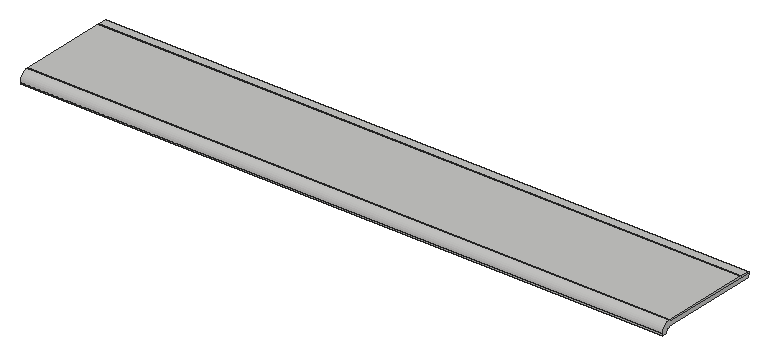
Revit family "Stair_Tread-Wooster-Cast_Nosings_Thresholds-101", category Specialty Equipment, host Face, Revit 2017
Family settings
  Host = Face
  Round Connector Dimension = Use Diameter
  Part Type = Normal
  OmniClass Number = 23.30.70.21.11.11.11
  OmniClass Title = Stair Nosings
  Cut with Voids When Loaded = No
  Shared = No
  Room Calculation Point = No
Parameters (values of type "101-6")
  Wing Type Anchor [instance] = no
  Width = 0' - 6"
  Version = "2017 - v2.0a"  # constant formula
  URL = "http://www.wooster-products.com/"
  Support Phone = "(224) 699-9545"  # constant formula
  Support Email = "mailto:support@anguleris.com"
  Safety Tread [instance] = Filler - Wooster - Grey - Cast Tread
  Product Page URL = "http://www.woosterproducts.com/products/alumogrit-ferrogrit/cast-nosings/"
  Product Name = "Abrasive Cast Nosings"  # constant formula
  Product Documentation Link = "http://www.woosterproducts.com/spec/101.pdf"
  Model = "101-6"
  Material = ""
  Manufacturer Phone Number = "1-800-321-4936 or 330-264-2844"  # constant formula
  Manufacturer Fax Number = "330-262-4151"  # constant formula
  Manufacturer Email = "mailto:tim@wooster-products.com"
  Manufacturer Address = "1000 Spruce Street, P.O. BOX 6005, Wooster, OH. 44691"  # constant formula
  Manufacturer = "Wooster Productions Inc"  # constant formula
  Length Constraint [instance] = if(Length > 8' 6", 8' 6", Length)  # 3' - 0"
  Length [instance] = 3' - 0"
  Feature Strip [instance] = if(Width < 0' 5", 0' 0 1/2", if(Width = 0' 5", 0' 1", 0' 0 1/2"))  # 0' - 0 1/2"
  Description = "Anti-Slip Stair Nosing"  # constant formula
  Depth = 0' - 0 5/16"  # constant formula
  Default Elevation = 0' - 0"  # constant formula
  Copyright = "Wooster Products Inc. 2019"  # constant formula
  Construction Type = "New Construction"  # constant formula
  Concealed Integral Anchor [instance] = no
  Achor Array [instance] = rounddown(Length / 1' 0")  # 3
Types (4): name | Width | Model
  (no name) | 0' - 3" | "101-3"
  101-3 | 0' - 3" | "101-3"
  101-4 | 0' - 4" | "101-4"
  101-6 | 0' - 6" | "101-6"
Values of the unnamed type that differ from the named types
  Support Email = ""
  Product Page URL = "http://www.wooster-products.com/Cast_Nosings_Thresholds.html"
  Product Documentation Link = "http://wooster-products.com/pub/Specs/101.pdf"
  Manufacturer Email = ""
Reference planes (in)
  plane 1 "Center (Front/Back)": y = 0
  plane 2: z = 0
  plane 3 "Center (Left/Right)": x = 0
  plane 4 "Left": x = -18
  plane 5 "Right": x = 18
  plane 6 "Back": y = 3
  plane 7 "Front": y = -3
  plane 8 "Bottom": z = -0.29687
  plane 9: y = 2.5
  plane 10: x = -15
  plane 11: x = 15
  plane 12: z = -0.04687
  plane 13: z = 0.01563
Forms (in)
  Extrusion 1, void
    sketch origin (0, 0, 0) x (0, 1, 0) y (0, 0, 1)
      loop
        line (3, 0) -> (-3, 0) -> (-3, -0.5625) -> (-2.76562, -0.5625)
        arc (-2.76562, -0.5625) -> (-2.68783, -0.37468) -> (-2.50001, -0.29687) r 0.26562
        line (-2.50001, -0.29687) -> (3, -0.29687) -> (3, 0)
    from -18 to 18
  Extrusion 2, solid, material "Filler - Wooster - Grey - Cast Tread" <- "Safety Tread"
    sketch origin (0, 0, 0) x (0, 1, 0) y (0, 0, 1)
      loop
        line (2.5, 0.01563) -> (-2.49992, 0.01563) -> (-2.49992, -0.04687) -> (2.5, -0.04687) -> (2.5, 0.01563)
    from -18 to 18
  Extrusion 3, solid, material "Filler - Wooster - Concrete"
    sketch origin (0, 0, 0) x (0, 1, 0) y (0, 0, 1)
      loop
        line (-2.50058, -0.29687) -> (3, -0.29687) -> (3, -0.04687) -> (-2.50001, -0.04687) -> (-2.50001, 0.01563)
        arc (-2.50001, 0.01563) -> (-2.85356, -0.13082) -> (-3, -0.48437) r 0.5
        line (-3, -0.48437) -> (-3, -0.5625) -> (-2.76562, -0.5625)
        arc (-2.76562, -0.5625) -> (-2.68803, -0.37488) -> (-2.50058, -0.29687) r 0.26562
    from -18 to 18
  Extrusion 4, solid, material "Filler - Wooster - Concrete"
    sketch origin (0, 0, 0) x (0, 1, 0) y (0, 0, 1)
      loop
        line (3, 0.01563) -> (2.5, 0.01563) -> (2.5, -0.04687) -> (3, -0.04687) -> (3, 0.01563)
    from -18 to 18
Lines and regions (in)
  Masking region 1
    outline origin (0, 0, 0) x (1, 0, 0) y (0, 1, 0)
      loop
        line (-18, 3) -> (-18, -3) -> (18, -3) -> (18, 3) -> (-18, 3)
Dimensions and locks (in)
  equal spacing: plane 4 "Left", plane 3 "Center (Left/Right)", plane 5 "Right"
  "Length Constraint": plane 4 "Left" to plane 5 "Right"
  equal spacing: plane 7 "Front", plane 1 "Center (Front/Back)", plane 6 "Back"
  "Width": plane 7 "Front" to plane 6 "Back"
  "Feature Strip": plane 6 "Back" to plane 9
  locked: Extrusion 2 sketch curve to plane 7 "Front" at 0.50008
  locked: plane 10 to plane 4 "Left" at 3
  locked: plane 11 to plane 5 "Right" at 3
  equal spacing: group 1, group 3, group 2  (x2)
  equal spacing: group 2, group 3, group 1
  equal spacing: group 4, group 6, group 5  (x2)
  equal spacing: group 5, group 6, group 4
  locked: Extrusion 1 sketch curve to plane 7 "Front" at 0.49999
  locked: plane 2 to Extrusion 1 sketch curve at 0.56249
  locked: plane 13 to plane 12 at 0.0625
  "Depth": plane 13 to plane 8 "Bottom"
  Extrusion 3 sketch curve to Extrusion 3 sketch curve to Extrusion 3 sketch curve to plane 7 "Front" = 0' - 0", 0' - 0" locked, 0' - 0 1/2" locked
  plane 13 to Extrusion 3 sketch curve to Extrusion 3 sketch curve to Extrusion 3 sketch curve = 0' - 0 1/2" locked, 0' - 0 5/64" locked, 0' - 0" locked
  aligned and locked: plane 2 to host face
  aligned and locked: level to host face
  aligned and locked: Extrusion 1 sketch curve to plane 2
  aligned and locked: Extrusion 1 sketch curve to plane 8 "Bottom"
  aligned and locked: Extrusion 1 sketch curve to plane 7 "Front"
  aligned and locked: Extrusion 1 to plane 4 "Left"
  aligned and locked: Extrusion 1 to plane 5 "Right"
  aligned and locked: plane 6 "Back" to Extrusion 1 sketch curve
  aligned and locked: plane 9 to Extrusion 2 sketch curve
  aligned and locked: Extrusion 2 to plane 4 "Left"
  aligned and locked: Extrusion 2 to plane 5 "Right"
  aligned and locked: Extrusion 3 to plane 4 "Left"
  aligned and locked: Extrusion 3 to plane 5 "Right"
  aligned and locked: Extrusion 3 sketch curve to plane 8 "Bottom"
  aligned and locked: plane 6 "Back" to Extrusion 3 sketch curve
  aligned and locked: plane 9 to Extrusion 4 sketch curve
  aligned and locked: Extrusion 4 sketch curve to plane 6 "Back"
  aligned and locked: Extrusion 4 to plane 4 "Left"
  aligned and locked: Extrusion 4 to plane 5 "Right"
  aligned and locked: plane 4 "Left" to Masking region 1 sketch curve
  aligned and locked: Masking region 1 sketch curve to plane 6 "Back"
  aligned and locked: plane 5 "Right" to Masking region 1 sketch curve
  aligned and locked: Masking region 1 sketch curve to plane 7 "Front"
  aligned and locked: plane 10 to nested 1
  aligned and locked: plane 8 "Bottom" to nested 1
  aligned and locked: nested 2 to plane 11
  aligned and locked: plane 1 "Center (Front/Back)" to nested 1
  aligned and locked: plane 1 "Center (Front/Back)" to nested 4
  aligned and locked: plane 8 "Bottom" to nested 4
  aligned and locked: plane 10 to nested 4
  aligned and locked: nested 5 to plane 11
  aligned and locked: Extrusion 2 sketch curve to plane 12
  aligned and locked: plane 12 to Extrusion 4 sketch curve
  aligned and locked: plane 12 to Extrusion 3 sketch curve
  aligned and locked: Extrusion 4 sketch curve to plane 13
  aligned and locked: Extrusion 2 sketch curve to plane 13
Automatic sketch dimensions
  host sketch curve to host sketch curve = 8' - 0"
  host sketch curve to host sketch curve = 4' - 0"
  Extrusion 3 sketch curve to Extrusion 3 sketch curve = 0' - 0.00058"
  plane 7 "Front" to Extrusion 3 sketch curve = 0' - 0"
  Extrusion 1 sketch curve to Extrusion 1 sketch curve = 0' - 0"
Nested families (in)
  nested 1: "Concealed Integral Anchor" at (-15, 0, -1.42187), visible <- "Concealed Integral Anchor", type "Concealed Integral Anchor"
  nested 2: "Concealed Integral Anchor" at (15, 0, -1.4375), visible <- "Concealed Integral Anchor", type "Concealed Integral Anchor"
  nested 3: "Concealed Integral Anchor" at (0, 0, -1.42969), visible <- "Concealed Integral Anchor", type "Concealed Integral Anchor"
  nested 4: "Wing Type Anchor" at (-15, 0, -1.42187), visible <- "Wing Type Anchor", type "Wing Type Anchor"
  nested 5: "Wing Type Anchor" at (15, 0, -1.4375), visible <- "Wing Type Anchor", type "Wing Type Anchor"
  nested 6: "Wing Type Anchor" at (0, 0, -1.42969), visible <- "Wing Type Anchor", type "Wing Type Anchor"
Definition of nested family "Concealed Integral Anchor"
  Parameters
    Width = 5' - 0"
    Depth = 0' - 1 1/8"
    Anchor Array = rounddown(Width / 1' 0")  # 5
    Anchor = none
  Reference planes (in)
    plane 1 "Center (Front/Back)": y = 0
    plane 2 "Back": z = 0
    plane 3 "Center (Left/Right)": x = 0
    plane 4 "Front": z = 1.125
  Forms (in)
    Revolve 1, solid, material <- "Anchor"
      sketch origin (-16.32105, 0, -0.02396) x (1, 0, 0) y (0, 0, 1)
        loop
          line (16.32105, 1.14896) -> (16.32105, 0.02396)
          arc (16.32105, 0.02396) -> (16.45942, 0.05514) -> (16.57105, 0.14264) r 0.32266
          line (16.57105, 0.14264) -> (16.45362, 0.14264) -> (16.45362, 0.85238) -> (16.57105, 0.85238) -> (16.57105, 1.14896) -> (16.32105, 1.14896)
        axis (16.32105, 1.14896) -> (16.32105, 0.02396)
      angle from 0 to 360
  Dimensions and locks (in)
    "Depth": plane 2 "Back" to plane 4 "Front"
    aligned and locked: plane 2 "Back" to level
  Automatic sketch dimensions
    Revolve 1 sketch curve to Revolve 1 sketch curve = 0' - 0"
    Revolve 1 sketch curve to Revolve 1 sketch curve = 0' - 0.13258"
    Revolve 1 sketch curve to Revolve 1 sketch curve = 0' - 0.11742"  (x2)
    Revolve 1 sketch curve to Revolve 1 sketch curve = 0' - 0.20398"
    Revolve 1 sketch curve to Revolve 1 sketch curve = 0' - 0.60167"
    Revolve 1 sketch curve to Revolve 1 sketch curve = 0' - 0.52333"
    Revolve 1 sketch curve to Revolve 1 sketch curve = 0' - 0.50576"
    Revolve 1 sketch curve to Revolve 1 sketch curve = 0' - 0.29658"
    Revolve 1 sketch curve to plane 4 "Front" = 0' - 0"
    Revolve 1 sketch curve to plane 3 "Center (Left/Right)" = 0' - 0"
Definition of nested family "Wing Type Anchor"
  Parameters
    Width = 5' - 0"
    Depth = 0' - 1 1/8"
    Anchor Array = rounddown(Width / 1' 0")  # 5
    Anchor = none
  Reference planes (in)
    plane 1 "Center (Front/Back)": y = 0
    plane 2 "Back": z = 0
    plane 3 "Center (Left/Right)": x = 0
    plane 4 "Front": z = 1.125
    plane 5: y = -0.1875
    plane 6: y = 0.1875
  Forms (in)
    Revolve 1, solid, material <- "Anchor"
      sketch origin (-16.32105, 0, -0.02396) x (1, 0, 0) y (0, 0, 1)
        loop
          line (16.32105, 1.03317) -> (16.32105, 0.57452) -> (16.45362, 0.57452) -> (16.45362, 0.78317) -> (16.65687, 0.78317) -> (16.65687, 1.03317) -> (16.32105, 1.03317)
        axis (16.32105, 1.03317) -> (16.32105, 0.57452)
      angle from 0 to 360
    Extrusion 2, solid, material <- "Anchor"
      sketch origin (0, 0, 0) x (1, 0, 0) y (0, 0, 1)
        loop
          arc (-1.02433, 0.09593) -> (-1.0222, 0.00957) -> (-0.93584, 0.00744) r 0.06265
          arc (-0.93584, 0.00744) -> (-0.6165, 0.47356) -> (-0.43668, 1.00921) r 2.04788
          line (-0.43668, 1.00921) -> (0, 1.00921) -> (0.43668, 1.00921)
          arc (0.43668, 1.00921) -> (0.6165, 0.47356) -> (0.93584, 0.00744) r 2.04788
          arc (0.93584, 0.00744) -> (1.0222, 0.00957) -> (1.02433, 0.09593) r 0.06265
          arc (1.02433, 0.09593) -> (0.70671, 0.57424) -> (0.54447, 1.125) r 1.92288
          line (0.54447, 1.125) -> (0, 1.125) -> (-0.54447, 1.125)
          arc (-0.54447, 1.125) -> (-0.70671, 0.57424) -> (-1.02433, 0.09593) r 1.92288
      from -0.1875 to 0.1875
  Dimensions and locks (in)
    "Depth": plane 2 "Back" to plane 4 "Front"
    plane 1 "Center (Front/Back)" to plane 5 = 0' - 0 3/16"
    aligned and locked: plane 2 "Back" to level
  Automatic sketch dimensions
    Revolve 1 sketch curve to plane 3 "Center (Left/Right)" = 0' - 0"  (x2)
    Revolve 1 sketch curve to Revolve 1 sketch curve = 0' - 0.13258"
    Revolve 1 sketch curve to plane 4 "Front" = 0' - 0.11579"
    Revolve 1 sketch curve to Revolve 1 sketch curve = 0' - 0.20324"
    Revolve 1 sketch curve to Revolve 1 sketch curve = 0' - 0 1/4"
    Revolve 1 sketch curve to Revolve 1 sketch curve = 0' - 0.20865"
    Revolve 1 sketch curve to level = 0' - 0.52333"
    plane 4 "Front" to Revolve 1 sketch curve = 0' - 0.60167"
    Extrusion 2 sketch curve to Extrusion 2 sketch curve = 0' - 0"  (x6)
    Extrusion 2 sketch curve to plane 4 "Front" = 0' - 0"
    Extrusion 2 sketch curve to plane 3 "Center (Left/Right)" = 0' - 0"  (x2)
    Extrusion 2 sketch curve to plane 4 "Front" = 0' - 0.11579"
    Extrusion 2 sketch curve to plane 3 "Center (Left/Right)" = 0' - 0.43668"
    Extrusion 2 sketch curve to Extrusion 2 sketch curve = 0' - 0.10779"  (x2)
    level to Extrusion 2 sketch curve = 0' - 0.00744"  (x2)
    Extrusion 2 sketch curve to plane 3 "Center (Left/Right)" = 0' - 0.93584"
    Extrusion 2 sketch curve to Extrusion 2 sketch curve = 0' - 0.04206"  (x2)
    Extrusion 2 sketch curve to Extrusion 2 sketch curve = 0' - 0.04643"  (x2)
    Extrusion 2 sketch curve to Extrusion 2 sketch curve = 0' - 0.43668"
    plane 3 "Center (Left/Right)" to Extrusion 2 sketch curve = 0' - 0.93584"
